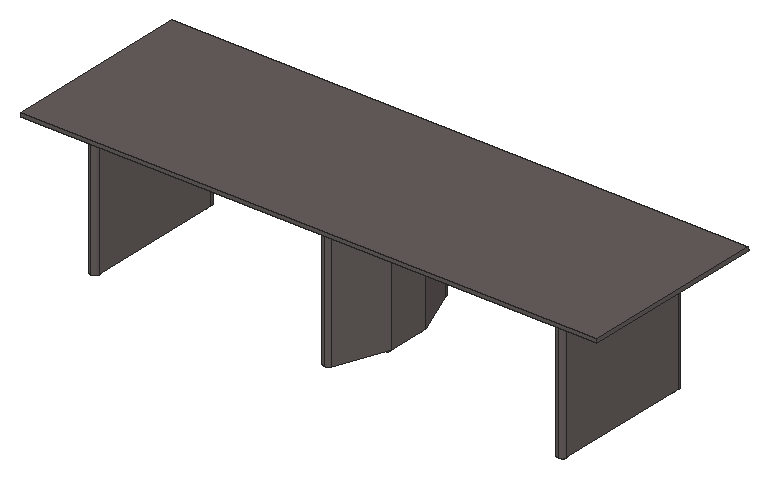
Revit family "Table-Teknion-CFTSTG_Figure_Table_Rectangular_Gable_Leg_Subtop-R2023", category Furniture, Revit 2023
Family settings
  OmniClass Number = 23.40.20.00
  OmniClass Title = General Furniture and Specialties
  Work Plane-Based = No
  Enable Cutting in Views = No
  Always vertical = Yes
  Cut with Voids When Loaded = No
  Render Appearance Source = Family Geometry
  Shared = Yes
  Room Calculation Point = No
Parameters (values of type "Figure Table, Rectangular, Gable Leg, Subtop")
  Width [instance] = 132.000"
  Warranty = "http://www.teknion.com/ca/papers/legal-canada"
  Unit Weight URL = "http://www.teknion.com/ca/tools/assets#&asset=bee6a381-b954-425e-8283-5a2de3a804f2,f828d448-4b62-4231-9e5f-9a8991c0ed77"
  URL = "www.teknion.com"
  Top Finish [instance] = Veneer - Teknion - 5X - Flintwood - Dark Henna
  To render please download texture images found here [instance] = "https://assets.teknion.com/web/5e81352c1dfdb467/revit-material-swatches/"
  Sustainability Data = "https://www.teknion.com/ca/tools/assets#&topic=216f99a5-57a0-44fc-b10a-9dee9b29ae4c&asset=444deb64-fe58-4b68-981e-f75e97781df7,b4ff2d81-9f2e-437d-9659-7cffb09c31cf"
  Series = "Custom Wood"  # constant formula
  Product Page URL = "https://www.teknion.com/ca/products/product-details?productLineId=f182336e-8e7a-673b-a6c8-ff00004460c4"
  Product Line = "Figure Table"  # constant formula
  Product Documentation Link = "https://d2r72yk5wmppdj.cloudfront.net/m/7b6608f508e3c5a8/Community_Table_Cut_Sheet.pdf"
  Power Cover Finish [instance] = Paint - Teknion - Mica - Graphite
  Part Number = "CFTSTG"  # constant formula
  Description = "Figure Table, Rectangular, Gable Leg, Subtop"
  Base Finish [instance] = Veneer - Teknion - 5X - Flintwood - Dark Henna
  Base Dim [instance] = if(Depth = 60.000", 24.000", 18.000")  # 18.000"
  (N) No Central Base [instance] = not(or([(H) Hexa Panel], [(S) Softened Panel]))  # no
  Model = "CFTSTG______"  # constant formula
  Manufacturer Phone = "416-661-3370"  # constant formula
  Manufacturer Fax = "416.661.4586"  # constant formula
  Manufacturer Contact Information = "http://www.teknion.com/ca/contactus"
  Manufacturer Address = "1150 Flint Road, Toronto, ON. M3J 2J5. Canada"  # constant formula
  Manufacturer = "Teknion"  # constant formula
  How To Use Teknion Materials User Guide [instance] = "https://assets.teknion.com/m/205dd0a49fa58060/original/How-to-add-a-Material-Library-and-Texture-Images-to-your-Revit-project.pdf"
  (H) Hexa Panel [instance] = yes
  For Additional Finishes please visit [instance] = "https://assets.teknion.com/m/44a8009b046e5d47/original/Teknion_Materials_Library.zip"
  Depth [instance] = 54.000"
  Default Elevation = 0.000"
  (S) Softened Panel [instance] = no
  Central Base Options [instance] = if(Width > 131.000", "[(N) No Central Base] not available with selected width, Please select one of the options below", "Check / Uncheck for Base Options")  # "[(N) No Central Base] not available with selected width, Please select one of the options below"
  Base S 216"- [instance] = and([(S) Softened Panel], Width < 215.000")  # no
  Base S 216"+ [instance] = and([(S) Softened Panel], Width > 215.000")  # no
  Base H 216"- [instance] = and([(H) Hexa Panel], Width < 215.000")  # yes
  Base H 216"+ [instance] = and([(H) Hexa Panel], Width > 215.000")  # no
  Available Width [instance] = "Available In 96\", 108\", 120\", 132\", 144\", 156\", 168\", 180\", 192\", 204\", 216\", 228\", 240\""  # constant formula
  Available Depth [instance] = "Available In 48\", 54\", 60\""  # constant formula
  Assembly Code = "E2020200"
Reference planes (in)
  plane 1 "Center Front/Back": y = 0
  plane 2: z = 0
  plane 3 "Center Left/Right": x = 0.01361
  plane 4 "Left": x = -65.98639
  plane 5 "Right": x = 66.01361
  plane 6 "Back": y = 27
  plane 7 "Front": y = -27
  plane 8 "Top": z = 29
  plane 9: x = -21.98639
  plane 10: x = 22.01361
  plane 11: y = 9
  plane 12: y = -9
  plane 13: y = 19
  plane 14: x = -57.98639
  plane 15: x = 58.01361
  plane 16: y = -19
Forms (in)
  Sweep 1, solid, material "Veneer - Teknion - 5X - Flintwood - Dark Henna" <- "Top Finish"
    path origin (0, 0, 0) x (1, 0, 0) y (0, 0, 1)
      loop
        line (0.01361, 26.75) -> (0.01361, 27.5)
    profile origin (0.01361, 0, 27.125) x (-1, 0, 0) y (0, -1, 0)
      loop
        line (58, 19) -> (-58, 19) -> (-58, -19) -> (58, -19) -> (58, 19)
  Sweep 2, solid, material "Veneer - Teknion - 5X - Flintwood - Dark Henna" <- "Base Finish"
    path origin (0, 0, 0) x (1, 0, 0) y (0, 1, 0)
      loop
        line (46.01361, 0) -> (-45.98639, 0)
    profile origin (0.01361, 0, 0) x (0, -1, 0) y (0, 0, 1)
      loop
        line (-4.932, 18.75) -> (-7.932, 26.75) -> (-9, 26.75) -> (-6, 18.75) -> (-4.932, 18.75)
      loop
        line (7.932, 26.75) -> (4.932, 18.75) -> (6, 18.75) -> (9, 26.75) -> (7.932, 26.75)
Lines and regions (in)
  Masking region 1
    outline origin (0, 0, 0) x (1, 0, 0) y (0, 1, 0)
      loop
        line (58.01361, 19) -> (-57.98639, 19) -> (-57.98639, -19) -> (58.01361, -19) -> (58.01361, 19)
  symbolic lines, style "FurnitureHiddenLines", detail levels medium+fine
    curve 1: line (-45.98639, 9, 0) -> (46.01361, 9, 0)
    curve 2: line (46.01361, 7.932, 0) -> (-45.98639, 7.932, 0)
    curve 3: line (-45.98639, 6, 0) -> (46.01361, 6, 0)
    curve 4: line (-45.98639, 4.932, 0) -> (46.01361, 4.932, 0)
    curve 5: line (46.01361, -4.932, 0) -> (-45.98639, -4.932, 0)
    curve 6: line (-45.98639, -6, 0) -> (46.01361, -6, 0)
    curve 7: line (-45.98639, -7.932, 0) -> (46.01361, -7.932, 0)
    curve 8: line (-45.98639, -9, 0) -> (46.01361, -9, 0)
  reference lines
    curve 9: line (-57.98639, 19, 0) -> (58.01361, 19, 0)
    curve 10: line (-57.98639, -19, 0) -> (-57.98639, 19, 0)
    curve 11: line (-57.98639, -19, 0) -> (58.01361, -19, 0)
    curve 12: line (58.01361, -19, 0) -> (58.01361, 19, 0)
Dimensions and locks (in)
  "Width": plane 4 "Left" to plane 5 "Right"
  "Depth": plane 6 "Back" to plane 7 "Front"
  plane 8 "Top" to level = 29.000"
  plane 8 "Top" to Sweep 1 sketch curve to Sweep 1 sketch curve = 1.500" locked, 0.750" locked
  locked: plane 4 "Left" to Sweep 2 sketch curve at 20
  locked: Sweep 2 sketch curve to plane 5 "Right" at 20
  Sweep 2 sketch curve to Sweep 2 sketch curve to Sweep 2 sketch curve to Sweep 2 sketch curve = 1.068" locked, 1.932" locked, 1.068" locked
  Sweep 2 sketch curve to Sweep 2 sketch curve to Sweep 2 sketch curve to Sweep 2 sketch curve = 1.068", 1.932" locked, 1.068" locked
  plane 8 "Top" to Sweep 2 sketch curve to Sweep 2 sketch curve = 2.250" locked, 8.000" locked  (x2)
  locked: plane 7 "Front" to Sweep 1 sketch curve at 8
  locked: plane 4 "Left" to Sweep 1 sketch curve at 8
  locked: plane 6 "Back" to Sweep 1 sketch curve at 8
  locked: Sweep 1 sketch curve to plane 5 "Right" at 8
  equal spacing: plane 4 "Left", plane 3 "Center Left/Right", plane 5 "Right"
  equal spacing: plane 7 "Front", plane 1 "Center Front/Back", plane 6 "Back"
  equal spacing: plane 4 "Left", plane 9, plane 10, plane 5 "Right"
  locked: plane 4 "Left" to nested 4 at 19
  locked: nested 5 to plane 5 "Right" at 19
  equal spacing: plane 11, plane 1 "Center Front/Back", plane 12
  "Base Dim": plane 12 to plane 11
  locked: plane 15 to plane 5 "Right" at 8
  locked: plane 6 "Back" to plane 13 at 8
  locked: plane 4 "Left" to plane 14 at 8
  locked: plane 7 "Front" to plane 16 at 8
  aligned and locked: level to plane 2
  aligned and locked: plane 3 "Center Left/Right" to Sweep 1 sketch curve
  aligned and locked: Sweep 2 sketch curve to plane 1 "Center Front/Back"
  aligned and locked: nested 1 to plane 9
  aligned and locked: plane 1 "Center Front/Back" to nested 1
  aligned and locked: nested 2 to plane 10
  aligned and locked: plane 1 "Center Front/Back" to nested 2
  aligned and locked: plane 3 "Center Left/Right" to nested 3
  aligned and locked: plane 1 "Center Front/Back" to nested 3
  aligned and locked: plane 1 "Center Front/Back" to nested 4
  aligned and locked: plane 1 "Center Front/Back" to nested 5
  aligned and locked: nested 8 to plane 10
  aligned and locked: plane 1 "Center Front/Back" to nested 8
  aligned and locked: nested 6 to plane 9
  aligned and locked: plane 1 "Center Front/Back" to nested 6
  aligned and locked: plane 3 "Center Left/Right" to nested 7
  aligned and locked: plane 1 "Center Front/Back" to nested 7
  aligned and locked: plane 3 "Center Left/Right" to nested 9
  aligned and locked: plane 1 "Center Front/Back" to nested 9
  aligned and locked: plane 2 to nested 6
  aligned and locked: plane 2 to nested 3
  aligned and locked: plane 2 to nested 2
  aligned and locked: plane 2 to nested 1
  aligned and locked: plane 2 to nested 7
  aligned and locked: plane 2 to nested 8
  aligned and locked: curve 1 to Sweep 2
  aligned and locked: curve 2 to Sweep 2
  aligned and locked: curve 3 to Sweep 2
  aligned and locked: curve 4 to Sweep 2
  aligned and locked: curve 5 to Sweep 2
  aligned and locked: curve 6 to Sweep 2
  aligned and locked: curve 7 to Sweep 2
  aligned and locked: curve 8 to Sweep 2
  aligned and locked: plane 12 to Sweep 2 sketch curve
  aligned and locked: plane 11 to Sweep 2 sketch curve
  aligned and locked: nested 4 to plane 2
  aligned and locked: nested 5 to plane 2
  aligned and locked: Masking region 1 sketch curve to Sweep 1  (x4)
  aligned and locked: curve 9 to plane 13
  aligned and locked: curve 10 to plane 14
  aligned and locked: curve 11 to plane 16
  aligned and locked: curve 12 to plane 15
Automatic sketch dimensions
  curve 6 to curve 7 = 0.000"
  curve 2 to curve 1 = 0.000"
  curve 3 to curve 2 = 0.000"
  curve 5 to curve 6 = 0.000"  (x2)
  curve 4 to curve 3 = 0.000"  (x2)
  curve 8 to curve 7 = 0.000"  (x2)
  curve 2 to curve 3 = 0.000"
  curve 1 to curve 2 = 0.000"
  curve 7 to curve 6 = 0.000"
  plane 4 "Left" to curve 3 = 20.000"
  curve 8 to curve 4 = 0.000"
  plane 5 "Right" to curve 6 = 20.000"
  curve 4 to curve 5 = 0.000"
Nested families (in)
  nested 1: "Softened Panel" at (-16.98639, 0, 0), Depth <- "Depth", Base Finish <- "Base Finish", visible <- "Base S 216"+", type "Softened Panel"
    with Top Cutout yes, To render please download texture images found here "https://assets.teknion.com/web/5e81352c1dfdb467/revit-material-swatches/", Panel Width 30.000", Mid Leg no, Mid Cutout yes, Left Cutout yes, How To Use Teknion Materials User Guide "https://assets.teknion.com/m/205dd0a49fa58060/original/How-to-add-a-Material-Library-and-Texture-Images-to-your-Revit-project.pdf", Glide Finish Paint - Teknion - Foundation - Ebony, For Additional Finishes please visit "https://assets.teknion.com/m/44a8009b046e5d47/original/Teknion_Materials_Library.zip", Depth 54.000", Bottom Cutout yes, Base Finish Veneer - Teknion - 5X - Flintwood - Dark Henna
  nested 2: "Softened Panel" at (17.01361, 0, 0), Depth <- "Depth", Base Finish <- "Base Finish", visible <- "Base S 216"+", type "Softened Panel"
    with Top Cutout yes, To render please download texture images found here "https://assets.teknion.com/web/5e81352c1dfdb467/revit-material-swatches/", Panel Width 30.000", Mid Leg no, Mid Cutout yes, Left Cutout no, How To Use Teknion Materials User Guide "https://assets.teknion.com/m/205dd0a49fa58060/original/How-to-add-a-Material-Library-and-Texture-Images-to-your-Revit-project.pdf", Glide Finish Paint - Teknion - Foundation - Ebony, For Additional Finishes please visit "https://assets.teknion.com/m/44a8009b046e5d47/original/Teknion_Materials_Library.zip", Depth 54.000", Bottom Cutout no, Base Finish Veneer - Teknion - 5X - Flintwood - Dark Henna
  nested 3: "Softened Panel" at (0.01361, 0, 0), Depth <- "Depth", Base Finish <- "Base Finish", visible <- "Base S 216"-", type "Softened Panel"
    with Top Cutout yes, To render please download texture images found here "https://assets.teknion.com/web/5e81352c1dfdb467/revit-material-swatches/", Panel Width 30.000", Mid Leg no, Mid Cutout yes, Left Cutout yes, How To Use Teknion Materials User Guide "https://assets.teknion.com/m/205dd0a49fa58060/original/How-to-add-a-Material-Library-and-Texture-Images-to-your-Revit-project.pdf", Glide Finish Paint - Teknion - Foundation - Ebony, For Additional Finishes please visit "https://assets.teknion.com/m/44a8009b046e5d47/original/Teknion_Materials_Library.zip", Depth 54.000", Bottom Cutout yes, Base Finish Veneer - Teknion - 5X - Flintwood - Dark Henna
  nested 4: "Gable Leg" at (-46.98639, 0, 0), Depth <- "Depth", Base Finish <- "Base Finish", type "Gable Leg"
    with To render please download texture images found here "https://assets.teknion.com/web/5e81352c1dfdb467/revit-material-swatches/", How To Use Teknion Materials User Guide "https://assets.teknion.com/m/205dd0a49fa58060/original/How-to-add-a-Material-Library-and-Texture-Images-to-your-Revit-project.pdf", Glide Finish Paint - Teknion - Foundation - Ebony, Gable Leg - Depth 30.000", For Additional Finishes please visit "https://assets.teknion.com/m/44a8009b046e5d47/original/Teknion_Materials_Library.zip", Depth 54.000", Base Finish Veneer - Teknion - 5X - Flintwood - Dark Henna
  nested 5: "Gable Leg" at (47.01361, 0, 0), Depth <- "Depth", Base Finish <- "Base Finish", type "Gable Leg"
    with To render please download texture images found here "https://assets.teknion.com/web/5e81352c1dfdb467/revit-material-swatches/", How To Use Teknion Materials User Guide "https://assets.teknion.com/m/205dd0a49fa58060/original/How-to-add-a-Material-Library-and-Texture-Images-to-your-Revit-project.pdf", Glide Finish Paint - Teknion - Foundation - Ebony, Gable Leg - Depth 30.000", For Additional Finishes please visit "https://assets.teknion.com/m/44a8009b046e5d47/original/Teknion_Materials_Library.zip", Depth 54.000", Base Finish Veneer - Teknion - 5X - Flintwood - Dark Henna
  nested 6: "Hexa Panel" at (-16.98639, 0, 0), Base Finish <- "Base Finish", visible <- "Base H 216"+", Depth <- "Depth", type "Hexa Panel"
    with To render please download texture images found here "https://assets.teknion.com/web/5e81352c1dfdb467/revit-material-swatches/", Panel Width 30.000", Mid Leg no, Left Cutout yes, How To Use Teknion Materials User Guide "https://assets.teknion.com/m/205dd0a49fa58060/original/How-to-add-a-Material-Library-and-Texture-Images-to-your-Revit-project.pdf", Glide Finish Paint - Teknion - Foundation - Ebony, For Additional Finishes please visit "https://assets.teknion.com/m/44a8009b046e5d47/original/Teknion_Materials_Library.zip", Depth 54.000", Base Finish Veneer - Teknion - 5X - Flintwood - Dark Henna
  nested 7: "Hexa Panel" at (0.01361, 0, 0), Base Finish <- "Base Finish", Depth <- "Depth", visible <- "Base H 216"-", type "Hexa Panel"
    with To render please download texture images found here "https://assets.teknion.com/web/5e81352c1dfdb467/revit-material-swatches/", Panel Width 30.000", Mid Leg no, Left Cutout yes, How To Use Teknion Materials User Guide "https://assets.teknion.com/m/205dd0a49fa58060/original/How-to-add-a-Material-Library-and-Texture-Images-to-your-Revit-project.pdf", Glide Finish Paint - Teknion - Foundation - Ebony, For Additional Finishes please visit "https://assets.teknion.com/m/44a8009b046e5d47/original/Teknion_Materials_Library.zip", Depth 54.000", Base Finish Veneer - Teknion - 5X - Flintwood - Dark Henna
  nested 8: "Hexa Panel" at (17.01361, 0, 0), Base Finish <- "Base Finish", visible <- "Base H 216"+", Depth <- "Depth", type "Hexa Panel"
    with To render please download texture images found here "https://assets.teknion.com/web/5e81352c1dfdb467/revit-material-swatches/", Panel Width 30.000", Mid Leg no, Left Cutout no, How To Use Teknion Materials User Guide "https://assets.teknion.com/m/205dd0a49fa58060/original/How-to-add-a-Material-Library-and-Texture-Images-to-your-Revit-project.pdf", Glide Finish Paint - Teknion - Foundation - Ebony, For Additional Finishes please visit "https://assets.teknion.com/m/44a8009b046e5d47/original/Teknion_Materials_Library.zip", Depth 54.000", Base Finish Veneer - Teknion - 5X - Flintwood - Dark Henna
  nested 9: "Teknion_2D_Node_Family-R2021" at (0.01361, 0, 0), type "Teknion_2D_Node_Family-R2021"
Definition of nested family "Softened Panel"
  Parameters (values of type "Softened Panel")
    Warranty = "http://www.teknion.com/ca/papers/legal-canada"
    Unit Weight URL = "http://www.teknion.com/ca/tools/assets#&asset=bee6a381-b954-425e-8283-5a2de3a804f2,f828d448-4b62-4231-9e5f-9a8991c0ed77"
    URL = "www.teknion.com"
    Top Cutout [instance] = yes
    To render please download texture images found here [instance] = "https://assets.teknion.com/web/5e81352c1dfdb467/revit-material-swatches/"
    Sustainability Data = "https://www.teknion.com/ca/tools/assets#&topic=216f99a5-57a0-44fc-b10a-9dee9b29ae4c&asset=444deb64-fe58-4b68-981e-f75e97781df7,b4ff2d81-9f2e-437d-9659-7cffb09c31cf"
    Series = ""
    Product Page URL = ""
    Product Line = ""
    Product Documentation Link = ""
    Part Number = ""
    Panel Width [instance] = if(Depth = 60.000", 36.000", 30.000")  # 30.000"
    Model = ""
    Mid Leg [instance] = yes
    Mid Cutout [instance] = not(Mid Leg)  # no
    Manufacturer Phone = "416-661-3370"  # constant formula
    Manufacturer Fax = "416.661.4586"  # constant formula
    Manufacturer Contact Information = "http://www.teknion.com/ca/contactus"
    Manufacturer Address = "1150 Flint Road, Toronto, ON. M3J 2J5. Canada"  # constant formula
    Manufacturer = "Teknion"  # constant formula
    Left Cutout [instance] = yes
    How To Use Teknion Materials User Guide [instance] = "https://assets.teknion.com/m/205dd0a49fa58060/original/How-to-add-a-Material-Library-and-Texture-Images-to-your-Revit-project.pdf"
    Glide Finish [instance] = none
    For Additional Finishes please visit [instance] = "https://assets.teknion.com/m/44a8009b046e5d47/original/Teknion_Materials_Library.zip"
    Description = "Softened Panel"
    Depth [instance] = 0.000"
    Default Elevation = 0.000"
    Bottom Cutout [instance] = yes
    Base Finish [instance] = none
    Assembly Code = "E2020200"
  Reference planes (in)
    plane 1 "Center Front/Back": y = 0
    plane 2: z = 0
    plane 3 "Center Left/Right": x = 0
    plane 4 "Left": x = -5
    plane 5 "Right": x = 5
    plane 6 "Back": y = 15
    plane 7 "Front": y = -15
    plane 8 "Top": z = 26.75
    plane 9 "1": y = -13.646
    plane 10 "2": y = 13.646
    plane 11: z = 0.5
  Forms (in)
    Revolve 1, solid, material <- "Glide Finish"
      sketch origin (0, -13.646, 0) x (-1, 0, 0) y (0, 0, 1)
        loop
          line (3.64645, 0.25) -> (3.64645, 0) -> (4.14645, 0) -> (4.14645, 0.25) -> (3.64645, 0.25)
        axis (3.64645, 0.25) -> (3.64645, 0)
      angle from 0 to 360
    Revolve 2, solid, material <- "Glide Finish"
      sketch origin (7.81887, -13.646, 0) x (-1, 0, 0) y (0, 0, 1)
        loop
          line (4.17242, 0.25) -> (4.17242, 0) -> (4.67242, 0) -> (4.67242, 0.25) -> (4.17242, 0.25)
        axis (4.17242, 0.25) -> (4.17242, 0)
      angle from 0 to 360
    Revolve 3, solid, material <- "Glide Finish"
      sketch origin (0, 13.646, 0) x (-1, 0, 0) y (0, 0, 1)
        loop
          line (3.64645, 0.25) -> (3.64645, 0) -> (4.14645, 0) -> (4.14645, 0.25) -> (3.64645, 0.25)
        axis (3.64645, 0.25) -> (3.64645, 0)
      angle from 0 to 360
    Revolve 4, solid, material <- "Glide Finish"
      sketch origin (0, 13.646, 0) x (-1, 0, 0) y (0, 0, 1)
        loop
          line (-3.64645, 0.25) -> (-3.64645, 0) -> (-3.14645, 0) -> (-3.14645, 0.25) -> (-3.64645, 0.25)
        axis (-3.64645, 0.25) -> (-3.64645, 0)
      angle from 0 to 360
    Sweep 5, solid, material <- "Glide Finish"
      path origin (0, 0, 0) x (1, 0, 0) y (0, 0, 1)
        loop
          line (0, 0.5) -> (0, 0.25)
      profile origin (0, 0, 0.375) x (0, -1, 0) y (1, 0, 0)
        loop
          line (13.3335, -3.82713) -> (13.646, -4.00755) -> (13.9585, -3.82713) -> (13.9585, -3.46628) -> (13.646, -3.28586) -> (13.3335, -3.46628) -> (13.3335, -3.82713)
        loop
          line (13.3335, 3.46628) -> (13.646, 3.28586) -> (13.9585, 3.46628) -> (13.9585, 3.82713) -> (13.646, 4.00755) -> (13.3335, 3.82713) -> (13.3335, 3.46628)
        loop
          line (-13.9585, 3.46628) -> (-13.646, 3.28586) -> (-13.3335, 3.46628) -> (-13.3335, 3.82713) -> (-13.646, 4.00755) -> (-13.9585, 3.82713) -> (-13.9585, 3.46628)
        loop
          line (-13.9585, -3.82713) -> (-13.646, -4.00755) -> (-13.3335, -3.82713) -> (-13.3335, -3.46628) -> (-13.646, -3.28586) -> (-13.9585, -3.46628) -> (-13.9585, -3.82713)
    Sweep 6, solid, material <- "Base Finish"
      path origin (0, 0, 0) x (1, 0, 0) y (0, 0, 1)
        loop
          line (0, 26.75) -> (0, 0.5)
      profile origin (0, 0, 13.625) x (0, -1, 0) y (1, 0, 0)
        loop
          line (14, 5) -> (-14, 5)
          arc (-14, 5) -> (-14.70711, 4.70711) -> (-15, 4) r 1
          line (-15, 4) -> (-15, -4)
          arc (-15, -4) -> (-14.70711, -4.70711) -> (-14, -5) r 1
          line (-14, -5) -> (14, -5)
          arc (14, -5) -> (14.70711, -4.70711) -> (15, -4) r 1
          line (15, -4) -> (15, 4)
          arc (15, 4) -> (14.70711, 4.70711) -> (14, 5) r 1
    Sweep 7, void
      path origin (0, 0, 0) x (1, 0, 0) y (0, 1, 0)
        loop
          line (7.5, 0) -> (-7.5, 0)
      profile origin (0, 0, 0) x (0, -1, 0) y (0, 0, 1)
        loop
          line (-5, 27.5) -> (-5, 24.5)
          arc (-5, 24.5) -> (-4.85355, 24.14645) -> (-4.5, 24) r 0.5
          line (-4.5, 24) -> (4.5, 24)
          arc (4.5, 24) -> (4.85355, 24.14645) -> (5, 24.5) r 0.5
          line (5, 24.5) -> (5, 27.5) -> (-5, 27.5)
    Sweep 8, void
      path origin (0, 0, 0) x (1, 0, 0) y (0, 0, 1)
        loop
          line (0, 26) -> (0, 1.25)
      profile origin (0, 0, 13.625) x (0, -1, 0) y (1, 0, 0)
        loop
          line (-14.25, -4.25) -> (14.25, -4.25) -> (14.25, 4.25) -> (-14.25, 4.25) -> (-14.25, -4.25)
    Sweep 9, void
      path origin (0, 0, 0) x (1, 0, 0) y (0, 0, 1)
        loop
          line (0, 0) -> (0, 2)
      profile origin (0, 0, 1) x (-1, 0, 0) y (0, -1, 0)
        loop
          arc (3, -2.64575) -> (4, 0) -> (3, 2.64575) r 4
          line (3, 2.64575) -> (3, 4.5)
          arc (3, 4.5) -> (2.85355, 4.85355) -> (2.5, 5) r 0.5
          line (2.5, 5) -> (-2.5, 5)
          arc (-2.5, 5) -> (-2.85355, 4.85355) -> (-3, 4.5) r 0.5
          line (-3, 4.5) -> (-3, 2.64575)
          arc (-3, 2.64575) -> (-4, 0) -> (-3, -2.64575) r 4
          line (-3, -2.64575) -> (-3, -4.5)
          arc (-3, -4.5) -> (-2.85355, -4.85355) -> (-2.5, -5) r 0.5
          line (-2.5, -5) -> (2.5, -5)
          arc (2.5, -5) -> (2.85355, -4.85355) -> (3, -4.5) r 0.5
          line (3, -4.5) -> (3, -2.64575)
    Sweep 10, void
      path origin (0, 0, 0) x (1, 0, 0) y (0, 1, 0)
        loop
          line (-2.5, 0) -> (-7.5, 0)
      profile origin (-5, 0, 0) x (0, -1, 0) y (0, 0, 1)
        loop
          line (-3.9, 21) -> (-3.9, 4.6) -> (3.9, 4.6) -> (3.9, 21) -> (-3.9, 21)
        loop
          line (-4, 22) -> (-4, 4.5) -> (4, 4.5) -> (4, 22)
          arc (4, 22) -> (3.85355, 22.35355) -> (3.5, 22.5) r 0.5
          line (3.5, 22.5) -> (-3.5, 22.5)
          arc (-3.5, 22.5) -> (-3.85355, 22.35355) -> (-4, 22) r 0.5
    Sweep 11, void
      path origin (0, 0, 0) x (1, 0, 0) y (0, 1, 0)
        loop
          line (7.5, 0) -> (-7.25, 0)
      profile origin (0.125, 0, 0) x (0, -1, 0) y (0, 0, 1)
        loop
          arc (2.75, 24) -> (2.92678, 24.07322) -> (3, 24.25) r 0.25
          line (3, 24.25) -> (3, 25.75)
          arc (3, 25.75) -> (2.92678, 25.92678) -> (2.75, 26) r 0.25
          line (2.75, 26) -> (-2.75, 26)
          arc (-2.75, 26) -> (-2.92678, 25.92678) -> (-3, 25.75) r 0.25
          line (-3, 25.75) -> (-3, 24.25)
          arc (-3, 24.25) -> (-2.92678, 24.07322) -> (-2.75, 24) r 0.25
          line (-2.75, 24) -> (2.75, 24)
    Sweep 12, void
      path origin (0, 0, 0) x (1, 0, 0) y (0, 0, 1)
        loop
          line (0, 28.75) -> (0, -1.25)
      profile origin (0, 0, 13.75) x (0, -1, 0) y (1, 0, 0)
        loop
          arc (4.5, -3) -> (4.85355, -2.85355) -> (5, -2.5) r 0.5
          line (5, -2.5) -> (5, 2.5)
          arc (5, 2.5) -> (4.85355, 2.85355) -> (4.5, 3) r 0.5
          line (4.5, 3) -> (-4.5, 3)
          arc (-4.5, 3) -> (-4.85355, 2.85355) -> (-5, 2.5) r 0.5
          line (-5, 2.5) -> (-5, -2.5)
          arc (-5, -2.5) -> (-4.85355, -2.85355) -> (-4.5, -3) r 0.5
          line (-4.5, -3) -> (4.5, -3)
  Cuts and joins
    joined: Revolve 1, Revolve 2, Revolve 3, Revolve 4, Sweep 5
    Sweep 7, Sweep 8, Sweep 9, Sweep 10, Sweep 11, Sweep 12 cuts Sweep 6
  Lines and regions (in)
    symbolic lines, visible <- "Bottom Cutout", detail levels medium+fine
      curve 1: arc (3, 2.64575, 0) -> (4, 0, 0) -> (3, -2.64575, 0) r 4
      curve 2: arc (-3, -2.64575, 0) -> (-4, 0, 0) -> (-3, 2.64575, 0) r 4
      curve 41: arc (-3, 2.64575, 0) -> (-4, 0, 0) -> (-3, -2.64575, 0) r 4
      curve 47: arc (3, -2.64575, 0) -> (4, 0, 0) -> (3, 2.64575, 0) r 4
    symbolic lines, not visible, detail levels medium+fine
      curve 3: line (5, 5, 0) -> (-5, 5, 0)
      curve 4: line (-5, -5, 0) -> (5, -5, 0)
    symbolic lines, detail levels fine
      curve 5: line (-3.46628, 13.9585, 0) -> (-3.82713, 13.9585, 0)
      curve 6: line (-3.82713, 13.9585, 0) -> (-4.00755, 13.646, 0)
      curve 7: line (-4.00755, 13.646, 0) -> (-3.82713, 13.3335, 0)
      curve 8: line (-3.82713, 13.3335, 0) -> (-3.46628, 13.3335, 0)
      curve 9: line (-3.46628, 13.3335, 0) -> (-3.28586, 13.646, 0)
      curve 10: line (-3.28586, 13.646, 0) -> (-3.46628, 13.9585, 0)
      curve 11: arc (-4.14645, 13.646, 0) -> (-3.64645, 14.146, 0) -> (-3.14645, 13.646, 0) r 0.5
      curve 12: arc (-3.14645, 13.646, 0) -> (-3.64645, 13.146, 0) -> (-4.14645, 13.646, 0) r 0.5
      curve 13: arc (4.14645, 13.646, 0) -> (3.64645, 13.146, 0) -> (3.14645, 13.646, 0) r 0.5
      curve 14: arc (3.14645, 13.646, 0) -> (3.64645, 14.146, 0) -> (4.14645, 13.646, 0) r 0.5
      curve 15: line (3.82713, 13.9585, 0) -> (3.46628, 13.9585, 0)
      curve 16: line (3.46628, 13.9585, 0) -> (3.28586, 13.646, 0)
      curve 17: line (3.28586, 13.646, 0) -> (3.46628, 13.3335, 0)
      curve 18: line (3.46628, 13.3335, 0) -> (3.82713, 13.3335, 0)
      curve 19: line (3.82713, 13.3335, 0) -> (4.00755, 13.646, 0)
      curve 20: line (4.00755, 13.646, 0) -> (3.82713, 13.9585, 0)
      curve 21: line (3.82713, -13.3335, 0) -> (3.46628, -13.3335, 0)
      curve 22: line (3.46628, -13.3335, 0) -> (3.28586, -13.646, 0)
      curve 23: line (3.28586, -13.646, 0) -> (3.46628, -13.9585, 0)
      curve 24: line (3.46628, -13.9585, 0) -> (3.82713, -13.9585, 0)
      curve 25: line (3.82713, -13.9585, 0) -> (4.00755, -13.646, 0)
      curve 26: line (4.00755, -13.646, 0) -> (3.82713, -13.3335, 0)
      curve 27: arc (4.14645, -13.646, 0) -> (3.64645, -13.146, 0) -> (3.14645, -13.646, 0) r 0.5
      curve 28: arc (3.14645, -13.646, 0) -> (3.64645, -14.146, 0) -> (4.14645, -13.646, 0) r 0.5
      curve 29: arc (-4.14645, -13.646, 0) -> (-3.64645, -14.146, 0) -> (-3.14645, -13.646, 0) r 0.5
      curve 30: arc (-3.14645, -13.646, 0) -> (-3.64645, -13.146, 0) -> (-4.14645, -13.646, 0) r 0.5
      curve 31: line (-3.28586, -13.646, 0) -> (-3.46628, -13.3335, 0)
      curve 32: line (-3.46628, -13.3335, 0) -> (-3.82713, -13.3335, 0)
      curve 33: line (-3.82713, -13.3335, 0) -> (-4.00755, -13.646, 0)
      curve 34: line (-4.00755, -13.646, 0) -> (-3.82713, -13.9585, 0)
      curve 35: line (-3.82713, -13.9585, 0) -> (-3.46628, -13.9585, 0)
      curve 36: line (-3.46628, -13.9585, 0) -> (-3.28586, -13.646, 0)
    symbolic lines, detail levels medium+fine
      curve 37: line (-4.25, 14.25, 0) -> (-4.25, -14.25, 0)
      curve 38: line (-4.25, -14.25, 0) -> (4.25, -14.25, 0)
      curve 39: line (4.25, -14.25, 0) -> (4.25, 14.25, 0)
      curve 40: line (4.25, 14.25, 0) -> (-4.25, 14.25, 0)
      curve 42: line (-3, -2.64575, 0) -> (-3, -4.5, 0)
      curve 43: arc (-3, -4.5, 0) -> (-2.85355, -4.85355, 0) -> (-2.5, -5, 0) r 0.5
      curve 44: line (-2.5, -5, 0) -> (2.5, -5, 0)
      curve 45: arc (2.5, -5, 0) -> (2.85355, -4.85355, 0) -> (3, -4.5, 0) r 0.5
      curve 46: line (3, -4.5, 0) -> (3, -2.64575, 0)
      curve 48: line (3, 2.64575, 0) -> (3, 4.5, 0)
      curve 49: arc (3, 4.5, 0) -> (2.85355, 4.85355, 0) -> (2.5, 5, 0) r 0.5
      curve 50: line (2.5, 5, 0) -> (-2.5, 5, 0)
      curve 51: arc (-2.5, 5, 0) -> (-2.85355, 4.85355, 0) -> (-3, 4.5, 0) r 0.5
      curve 52: line (-3, 4.5, 0) -> (-3, 2.64575, 0)
      curve 53: line (-3, -4.5, 0) -> (-3, 4.5, 0)
      curve 54: arc (-3, 4.5, 0) -> (-2.85355, 4.85355, 0) -> (-2.5, 5, 0) r 0.5
      curve 55: line (-2.5, 5, 0) -> (2.5, 5, 0)
      curve 56: arc (2.5, 5, 0) -> (2.85355, 4.85355, 0) -> (3, 4.5, 0) r 0.5
      curve 57: line (3, 4.5, 0) -> (3, -4.5, 0)
      curve 58: arc (3, -4.5, 0) -> (2.85355, -4.85355, 0) -> (2.5, -5, 0) r 0.5
      curve 59: line (2.5, -5, 0) -> (-2.5, -5, 0)
      curve 60: arc (-2.5, -5, 0) -> (-2.85355, -4.85355, 0) -> (-3, -4.5, 0) r 0.5
      curve 61: line (-5, 14, 0) -> (-5, -14, 0)
      curve 62: arc (-5, -14, 0) -> (-4.70711, -14.70711, 0) -> (-4, -15, 0) r 1
      curve 63: line (-4, -15, 0) -> (4, -15, 0)
      curve 64: arc (4, -15, 0) -> (4.70711, -14.70711, 0) -> (5, -14, 0) r 1
      curve 65: line (5, -14, 0) -> (5, 14, 0)
      curve 66: arc (5, 14, 0) -> (4.70711, 14.70711, 0) -> (4, 15, 0) r 1
      curve 67: line (4, 15, 0) -> (-4, 15, 0)
      curve 68: arc (-4, 15, 0) -> (-4.70711, 14.70711, 0) -> (-5, 14, 0) r 1
  Dimensions and locks (in)
    plane 4 "Left" to plane 5 "Right" = 10.000"
    "Panel Width": plane 6 "Back" to plane 7 "Front"
    locked: plane 8 "Top" to level at 26.75
    equal spacing: plane 6 "Back", plane 1 "Center Front/Back", plane 7 "Front"
    equal spacing: plane 4 "Left", plane 3 "Center Left/Right", plane 5 "Right"
    locked: plane 6 "Back" to plane 10 "2" at 1.354
    locked: plane 7 "Front" to plane 9 "1" at 1.354
    locked: plane 11 to plane 2 at 0.5
    locked: Revolve 1 sketch curve to plane 2 at 0.25
    Revolve 1 sketch curve to Revolve 1 sketch curve to plane 4 "Left" = 0.500" locked, 0.85355" locked
    locked: Revolve 2 sketch curve to plane 2 at 0.25
    Revolve 2 sketch curve to Revolve 2 sketch curve to plane 5 "Right" = 0.500" locked, 1.35355" locked
    locked: Revolve 2 sketch curve to plane 5 "Right" at 1.35355
    Revolve 3 sketch curve to Revolve 3 sketch curve to plane 4 "Left" = 0.500" locked, 0.85355" locked
    locked: Revolve 3 sketch curve to plane 2 at 0.25
    locked: Revolve 4 sketch curve to plane 2 at 0.25
    Revolve 4 sketch curve to Revolve 4 sketch curve to plane 5 "Right" = 0.500" locked, 1.35355" locked
    locked: Revolve 4 sketch curve to plane 5 "Right" at 1.35355
    locked: Sweep 5 sketch curve to plane 2 at 0.25
    plane 4 "Left" to Sweep 5 sketch curve to Sweep 5 sketch curve to Sweep 5 sketch curve to Sweep 5 sketch curve to Sweep 5 sketch curve to Sweep 5 sketch curve = 0.99245" locked, 0.18042" locked, 0.000" locked, 0.36084" locked, 0.000" locked, 0.18042" locked  (x2)
    Sweep 5 sketch curve to Sweep 5 sketch curve to Sweep 5 sketch curve to Sweep 5 sketch curve to Sweep 5 sketch curve to Sweep 5 sketch curve to plane 5 "Right" = 0.18042" locked, 0.000" locked, 0.36084" locked, 0.000" locked, 0.18042" locked, 0.99245" locked  (x2)
    Sweep 5 sketch curve to plane 9 "1" to Sweep 5 sketch curve = 0.3125" locked, 0.3125" locked  (x2)
    Sweep 5 sketch curve to plane 10 "2" to Sweep 5 sketch curve = 0.3125" locked, 0.3125" locked  (x2)
    locked: plane 4 "Left" to Revolve 1 sketch curve at 1.35355
    locked: plane 4 "Left" to Revolve 3 sketch curve at 1.35355
    locked: plane 6 "Back" to Sweep 6 sketch curve at 1  (x2)
    locked: plane 7 "Front" to Sweep 6 sketch curve at 1  (x2)
    locked: plane 4 "Left" to Sweep 6 sketch curve at 1  (x2)
    locked: Sweep 6 sketch curve to plane 5 "Right" at 1  (x2)
    Sweep 7 sketch curve to Sweep 7 sketch curve to plane 1 "Center Front/Back" to Sweep 7 sketch curve to Sweep 7 sketch curve = 0.500" locked, 4.500" locked, 4.500" locked, 0.500" locked
    Sweep 7 sketch curve to plane 8 "Top" to Sweep 7 sketch curve = 0.750" locked, 2.750" locked
    locked: Sweep 8 sketch curve to plane 11 at 0.75
    locked: plane 8 "Top" to Sweep 8 sketch curve at 0.75
    locked: Sweep 8 sketch curve to plane 7 "Front" at 0.75
    locked: Sweep 8 sketch curve to plane 6 "Back" at 0.75
    locked: plane 4 "Left" to Sweep 8 sketch curve at 0.75
    locked: Sweep 8 sketch curve to plane 5 "Right" at 0.75
    locked: Sweep 9 sketch curve to plane 2 at 2
    Sweep 9 sketch curve to Sweep 9 sketch curve to Sweep 9 sketch curve to Sweep 9 sketch curve to Sweep 9 sketch curve to plane 1 "Center Front/Back" to Sweep 9 sketch curve to Sweep 9 sketch curve to Sweep 9 sketch curve to Sweep 9 sketch curve to Sweep 9 sketch curve = 0.500" locked, 0.000" locked, 1.85425" locked, 0.000" locked, 2.64575" locked, 2.64575" locked, 0.000" locked, 1.85425" locked, 0.000" locked, 0.500" locked
    Sweep 9 sketch curve to Sweep 9 sketch curve to plane 3 "Center Left/Right" to Sweep 9 sketch curve to Sweep 9 sketch curve = 0.500" locked, 2.500" locked, 2.500" locked, 0.500" locked
    Sweep 10 sketch curve to Sweep 10 sketch curve to plane 3 "Center Left/Right" = 5.000" locked, 2.500" locked
    Sweep 10 sketch curve to Sweep 10 sketch curve to Sweep 10 sketch curve to Sweep 10 sketch curve to plane 11 = 1.500" locked, 16.400" locked, 0.100" locked, 4.000" locked
    Sweep 10 sketch curve to Sweep 10 sketch curve to Sweep 10 sketch curve to plane 1 "Center Front/Back" to Sweep 10 sketch curve to Sweep 10 sketch curve to Sweep 10 sketch curve = 0.100" locked, 0.400" locked, 3.500" locked, 3.500" locked, 0.400" locked, 0.100" locked
    locked: Sweep 7 sketch curve to plane 4 "Left" at 2.5
    locked: plane 3 "Center Left/Right" to Sweep 11 sketch curve at 7.5
    Sweep 11 sketch curve to Sweep 11 sketch curve to plane 1 "Center Front/Back" to Sweep 11 sketch curve to Sweep 11 sketch curve = 0.250" locked, 2.750" locked, 2.750" locked, 0.250" locked
    Sweep 11 sketch curve to Sweep 11 sketch curve to Sweep 11 sketch curve to Sweep 11 sketch curve to plane 8 "Top" = 0.250" locked, 1.500" locked, 0.250" locked, 0.750" locked
    locked: Sweep 12 sketch curve to plane 8 "Top" at 2
    Sweep 12 sketch curve to Sweep 12 sketch curve to plane 3 "Center Left/Right" to Sweep 12 sketch curve to Sweep 12 sketch curve = 0.500" locked, 2.500" locked, 2.500" locked, 0.500" locked
    Sweep 12 sketch curve to Sweep 12 sketch curve to plane 1 "Center Front/Back" to Sweep 12 sketch curve to Sweep 12 sketch curve = 0.500" locked, 4.500" locked, 4.500" locked, 0.500" locked
    aligned and locked: level to plane 2
    aligned and locked: plane 2 to Revolve 1 sketch curve
    aligned and locked: plane 2 to Revolve 2 sketch curve
    aligned and locked: plane 2 to Revolve 3 sketch curve
    aligned and locked: plane 2 to Revolve 4 sketch curve
    aligned and locked: plane 11 to Sweep 5 sketch curve
    aligned and locked: Sweep 5 sketch curve to plane 3 "Center Left/Right"
    aligned and locked: plane 9 "1" to Sweep 5 sketch curve  (x4)
    aligned and locked: plane 10 "2" to Sweep 5 sketch curve  (x4)
    aligned and locked: plane 11 to Sweep 6 sketch curve
    aligned and locked: plane 8 "Top" to Sweep 6 sketch curve
    aligned and locked: Sweep 6 sketch curve to plane 3 "Center Left/Right"
    aligned and locked: Sweep 6 sketch curve to plane 7 "Front"
    aligned and locked: plane 4 "Left" to Sweep 6 sketch curve
    aligned and locked: plane 6 "Back" to Sweep 6 sketch curve
    aligned and locked: Sweep 7 sketch curve to plane 1 "Center Front/Back"
    aligned and locked: Sweep 8 sketch curve to plane 3 "Center Left/Right"
    aligned and locked: plane 2 to Sweep 9 sketch curve
    aligned and locked: plane 3 "Center Left/Right" to Sweep 9 sketch curve  (x3)
    aligned and locked: Sweep 9 sketch curve to Sweep 9 sketch curve
    aligned and locked: Sweep 10 sketch curve to plane 1 "Center Front/Back"
    aligned and locked: Sweep 12 sketch curve to plane 3 "Center Left/Right"
    aligned and locked: Sweep 11 sketch curve to plane 1 "Center Front/Back"
    aligned and locked: curve 5 to cut or joined group of Revolve 1, Revolve 2, Revolve 3, Revolve 4, Sweep 5
    aligned and locked: curve 6 to cut or joined group of Revolve 1, Revolve 2, Revolve 3, Revolve 4, Sweep 5
    aligned and locked: curve 7 to cut or joined group of Revolve 1, Revolve 2, Revolve 3, Revolve 4, Sweep 5
    aligned and locked: curve 8 to cut or joined group of Revolve 1, Revolve 2, Revolve 3, Revolve 4, Sweep 5
    aligned and locked: curve 9 to cut or joined group of Revolve 1, Revolve 2, Revolve 3, Revolve 4, Sweep 5
    aligned and locked: curve 10 to cut or joined group of Revolve 1, Revolve 2, Revolve 3, Revolve 4, Sweep 5
    aligned and locked: curve 11 to cut or joined group of Revolve 1, Revolve 2, Revolve 3, Revolve 4, Sweep 5
    aligned and locked: curve 12 to cut or joined group of Revolve 1, Revolve 2, Revolve 3, Revolve 4, Sweep 5
    aligned and locked: curve 13 to cut or joined group of Revolve 1, Revolve 2, Revolve 3, Revolve 4, Sweep 5
    aligned and locked: curve 14 to cut or joined group of Revolve 1, Revolve 2, Revolve 3, Revolve 4, Sweep 5
    aligned and locked: curve 15 to cut or joined group of Revolve 1, Revolve 2, Revolve 3, Revolve 4, Sweep 5
    aligned and locked: curve 16 to cut or joined group of Revolve 1, Revolve 2, Revolve 3, Revolve 4, Sweep 5
    aligned and locked: curve 17 to cut or joined group of Revolve 1, Revolve 2, Revolve 3, Revolve 4, Sweep 5
    aligned and locked: curve 18 to cut or joined group of Revolve 1, Revolve 2, Revolve 3, Revolve 4, Sweep 5
    aligned and locked: curve 19 to cut or joined group of Revolve 1, Revolve 2, Revolve 3, Revolve 4, Sweep 5
    aligned and locked: curve 20 to cut or joined group of Revolve 1, Revolve 2, Revolve 3, Revolve 4, Sweep 5
    aligned and locked: curve 21 to cut or joined group of Revolve 1, Revolve 2, Revolve 3, Revolve 4, Sweep 5
    aligned and locked: curve 22 to cut or joined group of Revolve 1, Revolve 2, Revolve 3, Revolve 4, Sweep 5
    aligned and locked: curve 23 to cut or joined group of Revolve 1, Revolve 2, Revolve 3, Revolve 4, Sweep 5
    aligned and locked: curve 24 to cut or joined group of Revolve 1, Revolve 2, Revolve 3, Revolve 4, Sweep 5
    aligned and locked: curve 25 to cut or joined group of Revolve 1, Revolve 2, Revolve 3, Revolve 4, Sweep 5
    aligned and locked: curve 26 to cut or joined group of Revolve 1, Revolve 2, Revolve 3, Revolve 4, Sweep 5
    aligned and locked: curve 27 to cut or joined group of Revolve 1, Revolve 2, Revolve 3, Revolve 4, Sweep 5
    aligned and locked: curve 28 to cut or joined group of Revolve 1, Revolve 2, Revolve 3, Revolve 4, Sweep 5
    aligned and locked: curve 29 to cut or joined group of Revolve 1, Revolve 2, Revolve 3, Revolve 4, Sweep 5
    aligned and locked: curve 30 to cut or joined group of Revolve 1, Revolve 2, Revolve 3, Revolve 4, Sweep 5
    aligned and locked: curve 31 to cut or joined group of Revolve 1, Revolve 2, Revolve 3, Revolve 4, Sweep 5
    aligned and locked: curve 32 to cut or joined group of Revolve 1, Revolve 2, Revolve 3, Revolve 4, Sweep 5
    aligned and locked: curve 33 to cut or joined group of Revolve 1, Revolve 2, Revolve 3, Revolve 4, Sweep 5
    aligned and locked: curve 34 to cut or joined group of Revolve 1, Revolve 2, Revolve 3, Revolve 4, Sweep 5
    aligned and locked: curve 35 to cut or joined group of Revolve 1, Revolve 2, Revolve 3, Revolve 4, Sweep 5
    aligned and locked: curve 36 to cut or joined group of Revolve 1, Revolve 2, Revolve 3, Revolve 4, Sweep 5
    aligned and locked: curve 37 to cut or joined group of Sweep 6, Sweep 7, Sweep 8, Sweep 9, Sweep 10, Sweep 11, Sweep 12
    aligned and locked: curve 38 to cut or joined group of Sweep 6, Sweep 7, Sweep 8, Sweep 9, Sweep 10, Sweep 11, Sweep 12
    aligned and locked: curve 39 to cut or joined group of Sweep 6, Sweep 7, Sweep 8, Sweep 9, Sweep 10, Sweep 11, Sweep 12
    aligned and locked: curve 40 to cut or joined group of Sweep 6, Sweep 7, Sweep 8, Sweep 9, Sweep 10, Sweep 11, Sweep 12
    aligned and locked: curve 41 to Sweep 9
    aligned and locked: curve 42 to Sweep 9
    aligned and locked: curve 43 to Sweep 9
    aligned and locked: curve 45 to Sweep 9
    aligned and locked: curve 47 to Sweep 9
    aligned and locked: curve 48 to Sweep 9
    aligned and locked: curve 49 to Sweep 9
    aligned and locked: curve 51 to Sweep 9
    aligned and locked: curve 62 to cut or joined group of Sweep 6, Sweep 7, Sweep 8, Sweep 9, Sweep 10, Sweep 11, Sweep 12
    aligned and locked: curve 64 to cut or joined group of Sweep 6, Sweep 7, Sweep 8, Sweep 9, Sweep 10, Sweep 11, Sweep 12
    aligned and locked: curve 66 to cut or joined group of Sweep 6, Sweep 7, Sweep 8, Sweep 9, Sweep 10, Sweep 11, Sweep 12
    aligned and locked: curve 68 to cut or joined group of Sweep 6, Sweep 7, Sweep 8, Sweep 9, Sweep 10, Sweep 11, Sweep 12
  Automatic sketch dimensions
    Revolve 2 sketch curve to plane 11 = 0.0769"
    Revolve 2 sketch curve to level = 0.3269"
    level to Revolve 4 sketch curve = 0.45393"
    plane 11 to Revolve 4 sketch curve = 0.08613"
    plane 11 to Revolve 1 sketch curve = 0.250"
    Revolve 1 sketch curve to level = 0.62632"
    Revolve 3 sketch curve to plane 11 = 0.250"
    level to Revolve 3 sketch curve = 0.500"
    Sweep 7 sketch curve to plane 5 "Right" = 2.500"
    Sweep 11 sketch curve to plane 4 "Left" = 2.250"
    Sweep 12 sketch curve to level = 1.250"
    curve 1 to curve 2 = 0.000"
    curve 4 to curve 1 = 2.35425"
    curve 2 to curve 3 = 2.35425"
    curve 1 to curve 47 = 0.000"
Definition of nested family "Gable Leg"
  Parameters (values of type "Gable Leg")
    Warranty = "http://www.teknion.com/ca/papers/legal-canada"
    Unit Weight URL = "http://www.teknion.com/ca/tools/assets#&asset=bee6a381-b954-425e-8283-5a2de3a804f2,f828d448-4b62-4231-9e5f-9a8991c0ed77"
    URL = "www.teknion.com"
    To render please download texture images found here [instance] = "https://assets.teknion.com/web/5e81352c1dfdb467/revit-material-swatches/"
    Sustainability Data = "https://www.teknion.com/ca/tools/assets#&topic=216f99a5-57a0-44fc-b10a-9dee9b29ae4c&asset=444deb64-fe58-4b68-981e-f75e97781df7,b4ff2d81-9f2e-437d-9659-7cffb09c31cf"
    Series = ""
    Product Page URL = ""
    Product Line = ""
    Product Documentation Link = ""
    Part Number = ""
    Model = ""
    Manufacturer Phone = "416-661-3370"  # constant formula
    Manufacturer Fax = "416.661.4586"  # constant formula
    Manufacturer Contact Information = "http://www.teknion.com/ca/contactus"
    Manufacturer Address = "1150 Flint Road, Toronto, ON. M3J 2J5. Canada"  # constant formula
    Manufacturer = "Teknion"  # constant formula
    How To Use Teknion Materials User Guide [instance] = "https://assets.teknion.com/m/205dd0a49fa58060/original/How-to-add-a-Material-Library-and-Texture-Images-to-your-Revit-project.pdf"
    Glide Finish [instance] = none
    Gable Leg - Depth [instance] = if(Depth = 60.000", 36.000", 30.000")  # 30.000"
    For Additional Finishes please visit [instance] = "https://assets.teknion.com/m/44a8009b046e5d47/original/Teknion_Materials_Library.zip"
    Description = "Gable Leg"
    Depth [instance] = 54.000"
    Default Elevation = 0.000"
    Base Finish [instance] = none
    Assembly Code = "E2020200"
  Reference planes (in)
    plane 1 "Center Front/Back": y = 0
    plane 2: z = 0
    plane 3 "Center Left/Right": x = 0
    plane 4 "Left": x = -1
    plane 5 "Right": x = 1
    plane 6 "Back": y = 15
    plane 7 "Front": y = -15
    plane 8 "Top": z = 26.75
    plane 9: z = 0.5
  Forms (in)
    Sweep 1, solid, material <- "Base Finish"
      path origin (0, 0, 0) x (1, 0, 0) y (0, 0, 1)
        loop
          line (0, 26.75) -> (0, 0.5)
      profile origin (0, 0, 13.625) x (0, -1, 0) y (1, 0, 0)
        loop
          line (-14, -1) -> (14, -1)
          arc (14, -1) -> (14.70711, -0.70711) -> (15, 0) r 1
          arc (15, 0) -> (14.70711, 0.70711) -> (14, 1) r 1
          line (14, 1) -> (-14, 1)
          arc (-14, 1) -> (-14.70711, 0.70711) -> (-15, 0) r 1
          arc (-15, 0) -> (-14.70711, -0.70711) -> (-14, -1) r 1
    Sweep 2, solid, material <- "Glide Finish"
      path origin (0, 0, 0) x (1, 0, 0) y (0, 0, 1)
        loop
          line (0, 0.25) -> (0, 0.5)
      profile origin (0, 0, 0.375) x (-1, 0, 0) y (0, -1, 0)
        loop
          line (0.18042, -13.8125) -> (0.36084, -13.5) -> (0.18042, -13.1875) -> (-0.18042, -13.1875) -> (-0.36084, -13.5) -> (-0.18042, -13.8125) -> (0.18042, -13.8125)
        loop
          line (0.18042, 13.1875) -> (0.36084, 13.5) -> (0.18042, 13.8125) -> (-0.18042, 13.8125) -> (-0.36084, 13.5) -> (-0.18042, 13.1875) -> (0.18042, 13.1875)
    Sweep 3, solid, material <- "Glide Finish"
      path origin (0, 0, 0) x (1, 0, 0) y (0, 0, 1)
        loop
          line (0, 0.25) -> (0, 0)
      profile origin (0, 0, 0.125) x (0, -1, 0) y (1, 0, 0)
        loop
          circle (-13.5, 0) r 0.5
        loop
          circle (13.5, 0) r 0.5
  Cuts and joins
    joined: Sweep 2, Sweep 3
  Lines and regions (in)
    symbolic lines, detail levels medium+fine
      curve 1: line (1, -14, 0) -> (1, 14, 0)
      curve 2: arc (1, 14, 0) -> (0.70711, 14.70711, 0) -> (0, 15, 0) r 1
      curve 3: arc (0, 15, 0) -> (-0.70711, 14.70711, 0) -> (-1, 14, 0) r 1
      curve 4: line (-1, 14, 0) -> (-1, -14, 0)
      curve 5: arc (-1, -14, 0) -> (-0.70711, -14.70711, 0) -> (0, -15, 0) r 1
      curve 6: arc (0, -15, 0) -> (0.70711, -14.70711, 0) -> (1, -14, 0) r 1
    symbolic lines, detail levels fine
      curve 7: line (0.36084, 13.5, 0) -> (0.18042, 13.8125, 0)
      curve 8: line (0.18042, 13.8125, 0) -> (-0.18042, 13.8125, 0)
      curve 9: line (-0.18042, 13.8125, 0) -> (-0.36084, 13.5, 0)
      curve 10: line (-0.36084, 13.5, 0) -> (-0.18042, 13.1875, 0)
      curve 11: line (-0.18042, 13.1875, 0) -> (0.18042, 13.1875, 0)
      curve 12: line (0.18042, 13.1875, 0) -> (0.36084, 13.5, 0)
      curve 13: arc (0, 13, 0) -> (0.5, 13.5, 0) -> (0, 14, 0) r 0.5
      curve 14: arc (0, 14, 0) -> (-0.5, 13.5, 0) -> (0, 13, 0) r 0.5
      curve 15: line (0.18042, -13.8125, 0) -> (0.36084, -13.5, 0)
      curve 16: line (0.36084, -13.5, 0) -> (0.18042, -13.1875, 0)
      curve 17: line (0.18042, -13.1875, 0) -> (-0.18042, -13.1875, 0)
      curve 18: line (-0.18042, -13.1875, 0) -> (-0.36084, -13.5, 0)
      curve 19: line (-0.36084, -13.5, 0) -> (-0.18042, -13.8125, 0)
      curve 20: line (-0.18042, -13.8125, 0) -> (0.18042, -13.8125, 0)
      curve 21: arc (0, -14, 0) -> (0.5, -13.5, 0) -> (0, -13, 0) r 0.5
      curve 22: arc (0, -13, 0) -> (-0.5, -13.5, 0) -> (0, -14, 0) r 0.5
  Dimensions and locks (in)
    locked: plane 4 "Left" to plane 5 "Right" at 2
    "Gable Leg - Depth": plane 6 "Back" to plane 7 "Front"
    locked: plane 8 "Top" to level at 26.75
    equal spacing: plane 4 "Left", plane 3 "Center Left/Right", plane 5 "Right"
    equal spacing: plane 6 "Back", plane 1 "Center Front/Back", plane 7 "Front"
    locked: plane 9 to plane 2 at 0.5
    locked: plane 6 "Back" to Sweep 1 sketch curve at 1
    locked: plane 7 "Front" to Sweep 1 sketch curve at 1
    locked: Sweep 2 sketch curve to plane 2 at 0.25
    plane 6 "Back" to Sweep 2 sketch curve to Sweep 2 sketch curve to Sweep 2 sketch curve to Sweep 2 sketch curve = 1.1875" locked, 0.3125" locked, 0.000" locked, 0.3125" locked
    Sweep 2 sketch curve to Sweep 2 sketch curve to Sweep 2 sketch curve to plane 3 "Center Left/Right" to Sweep 2 sketch curve to Sweep 2 sketch curve to Sweep 2 sketch curve = 0.18042" locked, 0.000" locked, 0.18042" locked, 0.18042" locked, 0.000" locked, 0.18042" locked  (x2)
    plane 7 "Front" to Sweep 2 sketch curve to Sweep 2 sketch curve to Sweep 2 sketch curve to Sweep 2 sketch curve = 1.1875" locked, 0.3125" locked, 0.000" locked, 0.3125" locked
    locked: Sweep 3 sketch curve to plane 2 at 0.25
    locked: plane 7 "Front" to Sweep 3 sketch curve at 1.5
    locked: plane 6 "Back" to Sweep 3 sketch curve at 1.5
    aligned and locked: level to plane 2
    aligned and locked: Sweep 1 sketch curve to plane 3 "Center Left/Right"
    aligned and locked: plane 8 "Top" to Sweep 1 sketch curve
    aligned and locked: plane 9 to Sweep 1 sketch curve
    aligned and locked: Sweep 1 sketch curve to plane 4 "Left"
    aligned and locked: plane 5 "Right" to Sweep 1 sketch curve
    aligned and locked: plane 6 "Back" to Sweep 1 sketch curve
    aligned and locked: plane 7 "Front" to Sweep 1 sketch curve
    aligned and locked: plane 9 to Sweep 2 sketch curve
    aligned and locked: plane 3 "Center Left/Right" to Sweep 2 sketch curve
    aligned and locked: plane 2 to Sweep 3 sketch curve
    aligned and locked: Sweep 3 sketch curve to plane 3 "Center Left/Right"
    aligned and locked: plane 3 "Center Left/Right" to Sweep 3 sketch curve  (x2)
    aligned and locked: curve 2 to Sweep 1
    aligned and locked: curve 3 to Sweep 1
    aligned and locked: curve 5 to Sweep 1
    aligned and locked: curve 6 to Sweep 1
    aligned and locked: curve 7 to Sweep 2
    aligned and locked: curve 8 to Sweep 2
    aligned and locked: curve 9 to Sweep 2
    aligned and locked: curve 10 to Sweep 2
    aligned and locked: curve 11 to Sweep 2
    aligned and locked: curve 12 to Sweep 2
    aligned and locked: curve 13 to Sweep 3
    aligned and locked: curve 14 to Sweep 3
    aligned and locked: curve 15 to Sweep 2
    aligned and locked: curve 16 to Sweep 2
    aligned and locked: curve 17 to Sweep 2
    aligned and locked: curve 18 to Sweep 2
    aligned and locked: curve 19 to Sweep 2
    aligned and locked: curve 20 to Sweep 2
    aligned and locked: curve 21 to Sweep 3
    aligned and locked: curve 22 to Sweep 3
  Automatic sketch dimensions
    Sweep 1 sketch curve to profile plane = 0.000"  (x2)
    Sweep 3 sketch curve to profile plane = 0.000"  (x4)
    Sweep 3 sketch curve to Sweep 3 sketch curve = 0.500"  (x2)
    curve 13 to plane 3 "Center Left/Right" = 0.000"  (x2)
    curve 22 to plane 3 "Center Left/Right" = 0.000"
    curve 21 to plane 3 "Center Left/Right" = 0.000"
Definition of nested family "Hexa Panel"
  Parameters (values of type "Hexa Panel")
    Warranty = "http://www.teknion.com/ca/papers/legal-canada"
    Unit Weight URL = "http://www.teknion.com/ca/tools/assets#&asset=bee6a381-b954-425e-8283-5a2de3a804f2,f828d448-4b62-4231-9e5f-9a8991c0ed77"
    URL = "www.teknion.com"
    To render please download texture images found here [instance] = "https://assets.teknion.com/web/5e81352c1dfdb467/revit-material-swatches/"
    Sustainability Data = "https://www.teknion.com/ca/tools/assets#&topic=216f99a5-57a0-44fc-b10a-9dee9b29ae4c&asset=444deb64-fe58-4b68-981e-f75e97781df7,b4ff2d81-9f2e-437d-9659-7cffb09c31cf"
    Series = ""
    Product Page URL = ""
    Product Line = ""
    Product Documentation Link = ""
    Part Number = ""
    Panel Width [instance] = if(Depth = 60.000", 36.000", 30.000")  # 36.000"
    Model = ""
    Mid Leg [instance] = yes
    Manufacturer Phone = "416-661-3370"  # constant formula
    Manufacturer Fax = "416.661.4586"  # constant formula
    Manufacturer Contact Information = "http://www.teknion.com/ca/contactus"
    Manufacturer Address = "1150 Flint Road, Toronto, ON. M3J 2J5. Canada"  # constant formula
    Manufacturer = "Teknion"  # constant formula
    Left Cutout [instance] = yes
    How To Use Teknion Materials User Guide [instance] = "https://assets.teknion.com/m/205dd0a49fa58060/original/How-to-add-a-Material-Library-and-Texture-Images-to-your-Revit-project.pdf"
    Glide Finish [instance] = none
    For Additional Finishes please visit [instance] = "https://assets.teknion.com/m/44a8009b046e5d47/original/Teknion_Materials_Library.zip"
    Description = "Hexa Panel"
    Depth [instance] = 60.000"
    Default Elevation = 0.000"
    Base Finish [instance] = none
    Assembly Code = "E2020200"
  Reference planes (in)
    plane 1 "Center Front/Back": y = 0
    plane 2: z = 0
    plane 3 "Center Left/Right": x = 0
    plane 4 "Left": x = -5
    plane 5 "Right": x = 5
    plane 6 "Back": y = 18
    plane 7 "Front": y = -18
    plane 8 "Top": z = 26.75
    plane 9 "1": y = -15.5
    plane 10 "2": y = -7.06461
    plane 11 "4": y = 15.5
    plane 12 "3": y = 7.06461
    plane 13: z = 0.5
  Forms (in)
    Sweep 1, solid, material <- "Base Finish"
      path origin (0, 0, 0) x (1, 0, 0) y (0, 0, 1)
        loop
          line (0, 26.75) -> (0, 0.5)
      profile origin (0, 0, 13.625) x (0, -1, 0) y (1, 0, 0)
        loop
          line (-7.27625, 5) -> (-17.37404, 0.92741)
          arc (-17.37404, 0.92741) -> (-17.82887, 0.55945) -> (-18, 0) r 1
          arc (-18, 0) -> (-17.82887, -0.55945) -> (-17.37404, -0.92741) r 1
          line (-17.37404, -0.92741) -> (-7.27625, -5) -> (7.27625, -5) -> (17.37404, -0.92741)
          arc (17.37404, -0.92741) -> (17.82887, -0.55945) -> (18, 0) r 1
          arc (18, 0) -> (17.82887, 0.55945) -> (17.37404, 0.92741) r 1
          line (17.37404, 0.92741) -> (7.27625, 5) -> (-7.27625, 5)
    Sweep 2, void
      path origin (0, 0, 0) x (1, 0, 0) y (0, 0, 1)
        loop
          line (0, 26) -> (0, 1.25)
      profile origin (0, 0, 13.625) x (0, -1, 0) y (1, 0, 0)
        loop
          line (-7.25333, -4.88189) -> (7.25333, -4.88189) -> (17.13189, -0.89772) -> (17.13189, 0.89772) -> (7.25333, 4.88189) -> (-7.25333, 4.88189) -> (-17.13189, 0.89772) -> (-17.13189, -0.89772) -> (-7.25333, -4.88189)
    Sweep 3, void
      path origin (0, 0, 0) x (1, 0, 0) y (0, 0, 1)
        loop
          line (0, 28.75) -> (0, -2.25)
      profile origin (0, 0, 13.25) x (0, -1, 0) y (1, 0, 0)
        loop
          line (6.8652, -2.88189) -> (11.71124, -0.92741)
          arc (11.71124, -0.92741) -> (12.16607, -0.55945) -> (12.3372, 0) r 1
          arc (12.3372, 0) -> (12.16607, 0.55945) -> (11.71124, 0.92741) r 1
          line (11.71124, 0.92741) -> (6.8652, 2.88189) -> (-6.8652, 2.88189) -> (-11.71124, 0.92741)
          arc (-11.71124, 0.92741) -> (-12.16607, 0.55945) -> (-12.3372, 0) r 1
          arc (-12.3372, 0) -> (-12.16607, -0.55945) -> (-11.71124, -0.92741) r 1
          line (-11.71124, -0.92741) -> (-6.8652, -2.88189) -> (6.8652, -2.88189)
    Revolve 4, solid, material <- "Glide Finish"
      sketch origin (0, -15.5, 0) x (-1, 0, 0) y (0, 0, 1)
        loop
          line (0, 0.25) -> (0, 0) -> (0.5, 0) -> (0.5, 0.25) -> (0, 0.25)
        axis (0, 0.25) -> (0, 0)
      angle from 0 to 360
    Revolve 5, solid, material <- "Glide Finish"
      sketch origin (0, -7.06461, 0) x (-1, 0, 0) y (0, 0, 1)
        loop
          line (3.90943, 0.25) -> (3.90943, 0) -> (4.40943, 0) -> (4.40943, 0.25) -> (3.90943, 0.25)
        axis (3.90943, 0.25) -> (3.90943, 0)
      angle from 0 to 360
    Revolve 6, solid, material <- "Glide Finish"
      sketch origin (7.81887, -7.06461, 0) x (-1, 0, 0) y (0, 0, 1)
        loop
          line (3.90943, 0.25) -> (3.90943, 0) -> (4.40943, 0) -> (4.40943, 0.25) -> (3.90943, 0.25)
        axis (3.90943, 0.25) -> (3.90943, 0)
      angle from 0 to 360
    Revolve 7, solid, material <- "Glide Finish"
      sketch origin (0, 7.06461, 0) x (-1, 0, 0) y (0, 0, 1)
        loop
          line (3.90943, 0.25) -> (3.90943, 0) -> (4.40943, 0) -> (4.40943, 0.25) -> (3.90943, 0.25)
        axis (3.90943, 0.25) -> (3.90943, 0)
      angle from 0 to 360
    Revolve 8, solid, material <- "Glide Finish"
      sketch origin (0, 7.06461, 0) x (-1, 0, 0) y (0, 0, 1)
        loop
          line (-3.90943, 0.25) -> (-3.90943, 0) -> (-3.40943, 0) -> (-3.40943, 0.25) -> (-3.90943, 0.25)
        axis (-3.90943, 0.25) -> (-3.90943, 0)
      angle from 0 to 360
    Revolve 9, solid, material <- "Glide Finish"
      sketch origin (0, 15.5, 0) x (-1, 0, 0) y (0, 0, 1)
        loop
          line (0, 0.25) -> (0, 0) -> (0.5, 0) -> (0.5, 0.25) -> (0, 0.25)
        axis (0, 0.25) -> (0, 0)
      angle from 0 to 360
    Sweep 10, solid, material <- "Glide Finish"
      path origin (0, 0, 0) x (1, 0, 0) y (0, 0, 1)
        loop
          line (0, 0.5) -> (0, 0.25)
      profile origin (0, 0, 0.375) x (0, -1, 0) y (1, 0, 0)
        loop
          line (15.1875, -0.18042) -> (15.5, -0.36084) -> (15.8125, -0.18042) -> (15.8125, 0.18042) -> (15.5, 0.36084) -> (15.1875, 0.18042) -> (15.1875, -0.18042)
        loop
          line (6.75211, -4.08986) -> (7.06461, -4.27028) -> (7.37711, -4.08986) -> (7.37711, -3.72901) -> (7.06461, -3.54859) -> (6.75211, -3.72901) -> (6.75211, -4.08986)
        loop
          line (6.75211, 3.72901) -> (7.06461, 3.54859) -> (7.37711, 3.72901) -> (7.37711, 4.08986) -> (7.06461, 4.27028) -> (6.75211, 4.08986) -> (6.75211, 3.72901)
        loop
          line (-7.37711, 3.72901) -> (-7.06461, 3.54859) -> (-6.75211, 3.72901) -> (-6.75211, 4.08986) -> (-7.06461, 4.27028) -> (-7.37711, 4.08986) -> (-7.37711, 3.72901)
        loop
          line (-7.37711, -4.08986) -> (-7.06461, -4.27028) -> (-6.75211, -4.08986) -> (-6.75211, -3.72901) -> (-7.06461, -3.54859) -> (-7.37711, -3.72901) -> (-7.37711, -4.08986)
        loop
          line (-15.8125, -0.18042) -> (-15.5, -0.36084) -> (-15.1875, -0.18042) -> (-15.1875, 0.18042) -> (-15.5, 0.36084) -> (-15.8125, 0.18042) -> (-15.8125, -0.18042)
    Sweep 11, void
      path origin (0, 0, 0) x (1, 0, 0) y (0, 1, 0)
        loop
          line (-8, 0) -> (8, 0)
